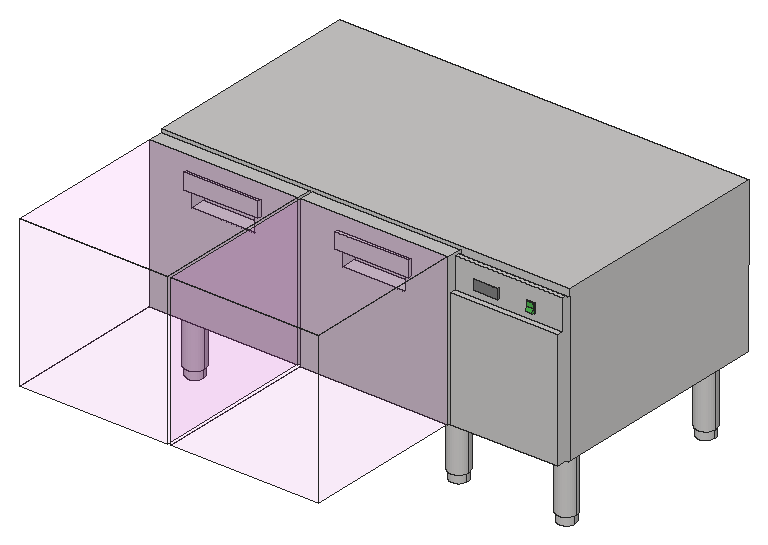
Revit family "QF_ELECTROLUXPROFESSIONAL_371370_E7TTAPCOMIN", category Specialty Equipment, Revit 2018
Family settings
  Round Connector Dimension = Use Diameter
  Part Type = Normal
  Work Plane-Based = No
  Always vertical = Yes
  Cut with Voids When Loaded = No
  Shared = No
  Room Calculation Point = No
Parameters
  Weight = 95.00 kg
  Watts = 0 W
  Volts = 0 V
  URL Manufacturer = ""
  URL = ""
  Steam Supply Size = 0 mm
  Steam Supply Minimum Pressure = 0.0 Pa
  Steam Supply Maximum Pressure = 0.0 Pa
  Steam Pounds per Hour = 0
  Refrigeration Suction Line Size = 0 mm
  Refrigeration Liquid Line Size = 0 mm
  Refrigerant Compressor Remote = yes
  Manufacturer = ""
  Phase = 0
  Model = ""
  Length Actual = 1200 mm  # constant formula
  Item Number = ""
  Hot Water Size = 0 mm
  Height Actual = 600 mm  # constant formula
  HP = "0.5 HP"
  Gas Size = 0 mm
  Gas KW = 0
  Gas Input Pressure = 0 W
  Direct Waste Size = 12.7 mm
  Description = ""
  Depth Actual = 700 mm  # constant formula
  Cycle = 0 Hz
  Condensate Return Size = 0 mm
  Compressed Air Volume = 0.0 L/s
  Compressed Air Size = 0 mm
  Compressed Air Pressure = 0.0 Pa
  Cold Water Size = 0 mm
  Accessory = yes
Reference planes
  plane 1 "Center X": y = 0
  plane 2: z = 0
  plane 3 "Centro (Sinistra/Destra)": x = 0
  plane 4: z = 200
  plane 5 "TOP": z = 650
  plane 6 "BACK": y = 350
  plane 7 "FRONT": y = -350
  plane 8 "LEFT": x = -600
  plane 9 "RIGHT": x = 600
  plane 10: y = -303
  plane 11: y = -348
  plane 12: x = -545
  plane 13: x = 545
  plane 14: x = 229
  plane 15: y = 262
  plane 16: y = -249
  plane 17: x = 286
  plane 18: x = -599
  plane 19: x = 599
  plane 20: y = 190
  plane 21: x = 560
Forms (mm)
  Extrusion 1, solid, material "QF_Finishes_Stainless Steel"
    sketch origin (0, 0, 650) x (-1, 0, 0) y (0, -1, 0)
      loop
        line (599, -350) -> (599, 303) -> (-599, 303) -> (-599, -350) -> (599, -350)
    from -450 to 0
  Extrusion 2, solid, material "QF_Finishes_Stainless Steel"
    sketch origin (196, -342.999, 0) x (-1, 0, 0) y (0, 0, 1)
      loop
        line (795, 201.587) -> (795, 640.994) -> (360.999, 640.994) -> (360.999, 201.587) -> (795, 201.587)
      loop
        line (671.3, 506.706) -> (671.3, 585) -> (484.699, 585) -> (484.699, 506.706) -> (671.3, 506.706)
    from -5.001 to 39.999
  Extrusion 3, solid, material "QF_Door-Drawer Clearances"
    sketch origin (196, -348, 0) x (1, 0, 0) y (0, 0, 1)
      loop
        line (-795, 640.994) -> (-795, 201.587) -> (-360.999, 201.587) -> (-360.999, 640.994) -> (-795, 640.994)
    from 0 to 473.5
  Extrusion 4, solid, material "QF_Finishes_Stainless Steel"
    sketch origin (599, 66.551, 0) x (0, 1, 0) y (0, 0, 1)
      loop
        line (-369.551, 629.527) -> (-386.314, 640.994) -> (-397.65, 640.994) -> (-397.65, 549.796) -> (-414.551, 549.796) -> (-414.551, 204.796) -> (-384.714, 204.796) -> (-374.993, 200) -> (-369.551, 200) -> (-369.551, 629.527)
    from 0 to -313
  Extrusion 5, solid, material "QF_Finishes_Black"
    sketch origin (583, -331.099, 630.994) x (0, 0, -1) y (1, 0, 0)
      loop
        line (32.198, -86.899) -> (61.199, -86.899) -> (61.199, -64.9) -> (32.198, -64.9) -> (32.198, -86.899)
    from 0 to 1.6
  Extrusion 6, solid, material "QF_Finishes_Grey"
    sketch origin (589, -331.099, 630.994) x (0, 0, -1) y (1, 0, 0)
      loop
        line (32.198, -248.099) -> (61.199, -248.099) -> (61.199, -178.099) -> (32.198, -178.099) -> (32.198, -248.099)
    from 0 to 1.6
  Extrusion 7, solid, material "QF_Finishes_Green"
    sketch origin (518.1, -331.099, 598.796) x (0, 0, -1) y (0, 1, 0)
      loop
        line (2.279, -3.281) -> (14.5, -3.281) -> (25.308, -8.985)
        arc (25.308, -8.985) -> (26.537, -5.394) -> (26.605, -1.6) r 12.221
        line (26.605, -1.6) -> (2.395, -1.6)
        arc (2.395, -1.6) -> (2.308, -2.439) -> (2.279, -3.281) r 12.221
    from -20 to -2
  Extrusion 8, solid, material "QF_Door-Drawer Clearances"
    sketch origin (638.501, -342.999, 0) x (1, 0, 0) y (0, 0, 1)
      loop
        line (-795, 640.994) -> (-795, 201.587) -> (-360.999, 201.587) -> (-360.999, 640.994) -> (-795, 640.994)
    from 5.001 to 478.501
  Extrusion 9, solid, material "QF_Finishes_Stainless Steel"
    sketch origin (196, -348, 0) x (1, 0, 0) y (0, 0, 1)
      loop
        line (-686.3, 598.969) -> (-686.3, 553.969) -> (-469.699, 553.969) -> (-469.699, 598.969) -> (-686.3, 598.969)
    from 0 to 10
  Extrusion 10, solid, material "QF_Finishes_Stainless Steel"
    sketch origin (638.501, -342.999, 0) x (-1, 0, 0) y (0, 0, 1)
      loop
        line (795, 201.587) -> (795, 640.994) -> (360.999, 640.994) -> (360.999, 201.587) -> (795, 201.587)
      loop
        line (671.3, 506.706) -> (671.3, 585) -> (484.699, 585) -> (484.699, 506.706) -> (671.3, 506.706)
    from -5.001 to 39.999
  Extrusion 11, solid, material "QF_Finishes_Stainless Steel"
    sketch origin (638.501, -348, 0) x (1, 0, 0) y (0, 0, 1)
      loop
        line (-686.3, 598.969) -> (-686.3, 553.969) -> (-469.699, 553.969) -> (-469.699, 598.969) -> (-686.3, 598.969)
    from 0 to 10
  Extrusion 12, solid, material "QF_Finishes_Stainless Steel"
    sketch origin (0, 0, 0) x (1, 0, 0) y (0, 1, 0)
      loop
        circle (560, 190) r 6
    from 189.987 to 200
Lines and regions (mm)
  Split face 1
    outline origin (589, -332.699, 630.994) x (0, 0, -1) y (1, 0, 0)
      loop
        line (37.198, -238.099) -> (52.198, -238.099) -> (52.198, -188.099) -> (37.198, -188.099) -> (37.198, -238.099)
  Split face 2
    outline origin (589, -332.699, 630.994) x (0, 0, -1) y (1, 0, 0)
      loop
        circle (44.698, -185.099) r 1.2
  Split face 3
    outline origin (589, -332.699, 630.994) x (0, 0, -1) y (1, 0, 0)
      loop
        circle (39.698, -185.099) r 1.2
  Split face 4
    outline origin (589, -332.699, 630.994) x (0, 0, -1) y (1, 0, 0)
      loop
        circle (49.698, -185.099) r 1.2
  Split face 5
    outline origin (589, -332.699, 630.994) x (0, 0, -1) y (1, 0, 0)
      loop
        circle (39.698, -241.099) r 1.2
  Split face 6
    outline origin (589, -332.699, 630.994) x (0, 0, -1) y (1, 0, 0)
      loop
        circle (44.698, -241.099) r 1.2
  Split face 7
    outline origin (589, -332.699, 630.994) x (0, 0, -1) y (1, 0, 0)
      loop
        circle (49.698, -241.099) r 1.2
  Split face 8
    outline origin (589, -332.699, 630.994) x (0, 0, -1) y (1, 0, 0)
      loop
        line (59.151, -238.099) -> (59.151, -227.099) -> (54.151, -227.099) -> (54.151, -238.099) -> (59.151, -238.099)
  Split face 9
    outline origin (589, -332.699, 630.994) x (0, 0, -1) y (1, 0, 0)
      loop
        line (54.151, -225.099) -> (59.151, -225.099) -> (59.151, -214.099) -> (54.151, -214.099) -> (54.151, -225.099)
  Split face 10
    outline origin (602, -332.699, 630.994) x (0, 0, -1) y (1, 0, 0)
      loop
        line (54.151, -225.099) -> (59.151, -225.099) -> (59.151, -214.099) -> (54.151, -214.099) -> (54.151, -225.099)
  Split face 11
    outline origin (615, -332.699, 630.994) x (0, 0, -1) y (1, 0, 0)
      loop
        line (54.151, -225.099) -> (59.151, -225.099) -> (59.151, -214.099) -> (54.151, -214.099) -> (54.151, -225.099)
  Split face 12
    outline origin (601.5, -348, 412.291) x (0, 0, -1) y (1, 0, 0)
      loop
        arc (-85.025, -282.599) -> (-81.004, -278.61) -> (-85.004, -274.599) r 4
        line (-85.004, -274.599) -> (-117.004, -274.599)
        arc (-117.004, -274.599) -> (-121.004, -278.61) -> (-116.984, -282.599) r 4
        line (-116.984, -282.599) -> (-85.025, -282.599)
  Split face 13
    outline origin (613.5, -348, 412.291) x (0, 0, -1) y (1, 0, 0)
      loop
        arc (-85.025, -282.599) -> (-81.004, -278.61) -> (-85.004, -274.599) r 4
        line (-85.004, -274.599) -> (-117.004, -274.599)
        arc (-117.004, -274.599) -> (-121.004, -278.61) -> (-116.984, -282.599) r 4
        line (-116.984, -282.599) -> (-85.025, -282.599)
  Split face 14
    outline origin (625.5, -348, 412.291) x (0, 0, -1) y (1, 0, 0)
      loop
        arc (-85.025, -282.599) -> (-81.004, -278.61) -> (-85.004, -274.599) r 4
        line (-85.004, -274.599) -> (-117.004, -274.599)
        arc (-117.004, -274.599) -> (-121.004, -278.61) -> (-116.984, -282.599) r 4
        line (-116.984, -282.599) -> (-85.025, -282.599)
  Split face 15
    outline origin (637.397, -348, 412.291) x (0, 0, -1) y (1, 0, 0)
      loop
        arc (-85.025, -282.599) -> (-81.004, -278.61) -> (-85.004, -274.599) r 4
        line (-85.004, -274.599) -> (-117.004, -274.599)
        arc (-117.004, -274.599) -> (-121.004, -278.61) -> (-116.984, -282.599) r 4
        line (-116.984, -282.599) -> (-85.025, -282.599)
  Split face 16
    outline origin (649.396, -348, 412.291) x (0, 0, -1) y (1, 0, 0)
      loop
        arc (-85.025, -282.599) -> (-81.004, -278.61) -> (-85.004, -274.599) r 4
        line (-85.004, -274.599) -> (-117.004, -274.599)
        arc (-117.004, -274.599) -> (-121.004, -278.61) -> (-116.984, -282.599) r 4
        line (-116.984, -282.599) -> (-85.025, -282.599)
  Split face 17
    outline origin (661.396, -348, 412.291) x (0, 0, -1) y (1, 0, 0)
      loop
        arc (-85.025, -282.599) -> (-81.004, -278.61) -> (-85.004, -274.599) r 4
        line (-85.004, -274.599) -> (-117.004, -274.599)
        arc (-117.004, -274.599) -> (-121.004, -278.61) -> (-116.984, -282.599) r 4
        line (-116.984, -282.599) -> (-85.025, -282.599)
  Split face 18
    outline origin (673.396, -348, 412.291) x (0, 0, -1) y (1, 0, 0)
      loop
        arc (-85.025, -282.599) -> (-81.004, -278.61) -> (-85.004, -274.599) r 4
        line (-85.004, -274.599) -> (-117.004, -274.599)
        arc (-117.004, -274.599) -> (-121.004, -278.61) -> (-116.984, -282.599) r 4
        line (-116.984, -282.599) -> (-85.025, -282.599)
  Split face 19
    outline origin (685.397, -348, 412.291) x (0, 0, -1) y (1, 0, 0)
      loop
        arc (-85.025, -282.599) -> (-81.004, -278.61) -> (-85.004, -274.599) r 4
        line (-85.004, -274.599) -> (-117.004, -274.599)
        arc (-117.004, -274.599) -> (-121.004, -278.61) -> (-116.984, -282.599) r 4
        line (-116.984, -282.599) -> (-85.025, -282.599)
  Split face 20
    outline origin (697.396, -348, 412.291) x (0, 0, -1) y (1, 0, 0)
      loop
        arc (-85.025, -282.599) -> (-81.004, -278.61) -> (-85.004, -274.599) r 4
        line (-85.004, -274.599) -> (-117.004, -274.599)
        arc (-117.004, -274.599) -> (-121.004, -278.61) -> (-116.984, -282.599) r 4
        line (-116.984, -282.599) -> (-85.025, -282.599)
  Split face 21
    outline origin (704.396, -348, 412.291) x (0, 0, -1) y (1, 0, 0)
      loop
        arc (-85.025, -242.399) -> (-81.004, -238.41) -> (-85.004, -234.4) r 4
        line (-85.004, -234.4) -> (-117.004, -234.4)
        arc (-117.004, -234.4) -> (-121.004, -238.41) -> (-116.984, -242.399) r 4
        line (-116.984, -242.399) -> (-85.025, -242.399)
  Split face 22
    outline origin (716.396, -348, 412.291) x (0, 0, -1) y (1, 0, 0)
      loop
        arc (-85.025, -242.399) -> (-81.004, -238.41) -> (-85.004, -234.4) r 4
        line (-85.004, -234.4) -> (-117.004, -234.4)
        arc (-117.004, -234.4) -> (-121.004, -238.41) -> (-116.984, -242.399) r 4
        line (-116.984, -242.399) -> (-85.025, -242.399)
  Split face 23
    outline origin (728.396, -348, 412.291) x (0, 0, -1) y (1, 0, 0)
      loop
        arc (-85.025, -242.399) -> (-81.004, -238.41) -> (-85.004, -234.4) r 4
        line (-85.004, -234.4) -> (-117.004, -234.4)
        arc (-117.004, -234.4) -> (-121.004, -238.41) -> (-116.984, -242.399) r 4
        line (-116.984, -242.399) -> (-85.025, -242.399)
  Split face 24
    outline origin (740.396, -348, 412.291) x (0, 0, -1) y (1, 0, 0)
      loop
        arc (-85.025, -242.399) -> (-81.004, -238.41) -> (-85.004, -234.4) r 4
        line (-85.004, -234.4) -> (-117.004, -234.4)
        arc (-117.004, -234.4) -> (-121.004, -238.41) -> (-116.984, -242.399) r 4
        line (-116.984, -242.399) -> (-85.025, -242.399)
  Split face 25
    outline origin (752.396, -348, 412.291) x (0, 0, -1) y (1, 0, 0)
      loop
        arc (-85.025, -242.399) -> (-81.004, -238.41) -> (-85.004, -234.4) r 4
        line (-85.004, -234.4) -> (-117.004, -234.4)
        arc (-117.004, -234.4) -> (-121.004, -238.41) -> (-116.984, -242.399) r 4
        line (-116.984, -242.399) -> (-85.025, -242.399)
  Split face 26
    outline origin (764.396, -348, 412.291) x (0, 0, -1) y (1, 0, 0)
      loop
        arc (-85.025, -242.399) -> (-81.004, -238.41) -> (-85.004, -234.4) r 4
        line (-85.004, -234.4) -> (-117.004, -234.4)
        arc (-117.004, -234.4) -> (-121.004, -238.41) -> (-116.984, -242.399) r 4
        line (-116.984, -242.399) -> (-85.025, -242.399)
  Split face 27
    outline origin (776.396, -348, 412.291) x (0, 0, -1) y (1, 0, 0)
      loop
        arc (-85.025, -242.399) -> (-81.004, -238.41) -> (-85.004, -234.4) r 4
        line (-85.004, -234.4) -> (-117.004, -234.4)
        arc (-117.004, -234.4) -> (-121.004, -238.41) -> (-116.984, -242.399) r 4
        line (-116.984, -242.399) -> (-85.025, -242.399)
  Split face 28
    outline origin (788.396, -348, 412.291) x (0, 0, -1) y (1, 0, 0)
      loop
        arc (-85.025, -242.399) -> (-81.004, -238.41) -> (-85.004, -234.4) r 4
        line (-85.004, -234.4) -> (-117.004, -234.4)
        arc (-117.004, -234.4) -> (-121.004, -238.41) -> (-116.984, -242.399) r 4
        line (-116.984, -242.399) -> (-85.025, -242.399)
  Split face 29
    outline origin (800.396, -348, 412.291) x (0, 0, -1) y (1, 0, 0)
      loop
        arc (-85.025, -242.399) -> (-81.004, -238.41) -> (-85.004, -234.4) r 4
        line (-85.004, -234.4) -> (-117.004, -234.4)
        arc (-117.004, -234.4) -> (-121.004, -238.41) -> (-116.984, -242.399) r 4
        line (-116.984, -242.399) -> (-85.025, -242.399)
  Split face 30
    outline origin (812.396, -348, 412.291) x (0, 0, -1) y (1, 0, 0)
      loop
        arc (-85.025, -242.399) -> (-81.004, -238.41) -> (-85.004, -234.4) r 4
        line (-85.004, -234.4) -> (-117.004, -234.4)
        arc (-117.004, -234.4) -> (-121.004, -238.41) -> (-116.984, -242.399) r 4
        line (-116.984, -242.399) -> (-85.025, -242.399)
  Split face 31
    outline origin (589.5, -348, 412.291) x (0, 0, -1) y (1, 0, 0)
      loop
        arc (-85.025, -282.599) -> (-81.004, -278.61) -> (-85.004, -274.599) r 4
        line (-85.004, -274.599) -> (-117.004, -274.599)
        arc (-117.004, -274.599) -> (-121.004, -278.61) -> (-116.984, -282.599) r 4
        line (-116.984, -282.599) -> (-85.025, -282.599)
  Split face 32
    outline origin (601.5, -348, 367.29) x (0, 0, -1) y (1, 0, 0)
      loop
        arc (-85.025, -282.599) -> (-81.004, -278.61) -> (-85.004, -274.599) r 4
        line (-85.004, -274.599) -> (-117.004, -274.599)
        arc (-117.004, -274.599) -> (-121.004, -278.61) -> (-116.984, -282.599) r 4
        line (-116.984, -282.599) -> (-85.025, -282.599)
  Split face 33
    outline origin (613.5, -348, 367.29) x (0, 0, -1) y (1, 0, 0)
      loop
        arc (-85.025, -282.599) -> (-81.004, -278.61) -> (-85.004, -274.599) r 4
        line (-85.004, -274.599) -> (-117.004, -274.599)
        arc (-117.004, -274.599) -> (-121.004, -278.61) -> (-116.984, -282.599) r 4
        line (-116.984, -282.599) -> (-85.025, -282.599)
  Split face 34
    outline origin (625.5, -348, 367.29) x (0, 0, -1) y (1, 0, 0)
      loop
        arc (-85.025, -282.599) -> (-81.004, -278.61) -> (-85.004, -274.599) r 4
        line (-85.004, -274.599) -> (-117.004, -274.599)
        arc (-117.004, -274.599) -> (-121.004, -278.61) -> (-116.984, -282.599) r 4
        line (-116.984, -282.599) -> (-85.025, -282.599)
  Split face 35
    outline origin (637.397, -348, 367.29) x (0, 0, -1) y (1, 0, 0)
      loop
        arc (-85.025, -282.599) -> (-81.004, -278.61) -> (-85.004, -274.599) r 4
        line (-85.004, -274.599) -> (-117.004, -274.599)
        arc (-117.004, -274.599) -> (-121.004, -278.61) -> (-116.984, -282.599) r 4
        line (-116.984, -282.599) -> (-85.025, -282.599)
  Split face 36
    outline origin (649.396, -348, 367.29) x (0, 0, -1) y (1, 0, 0)
      loop
        arc (-85.025, -282.599) -> (-81.004, -278.61) -> (-85.004, -274.599) r 4
        line (-85.004, -274.599) -> (-117.004, -274.599)
        arc (-117.004, -274.599) -> (-121.004, -278.61) -> (-116.984, -282.599) r 4
        line (-116.984, -282.599) -> (-85.025, -282.599)
  Split face 37
    outline origin (661.396, -348, 367.29) x (0, 0, -1) y (1, 0, 0)
      loop
        arc (-85.025, -282.599) -> (-81.004, -278.61) -> (-85.004, -274.599) r 4
        line (-85.004, -274.599) -> (-117.004, -274.599)
        arc (-117.004, -274.599) -> (-121.004, -278.61) -> (-116.984, -282.599) r 4
        line (-116.984, -282.599) -> (-85.025, -282.599)
  Split face 38
    outline origin (673.396, -348, 367.29) x (0, 0, -1) y (1, 0, 0)
      loop
        arc (-85.025, -282.599) -> (-81.004, -278.61) -> (-85.004, -274.599) r 4
        line (-85.004, -274.599) -> (-117.004, -274.599)
        arc (-117.004, -274.599) -> (-121.004, -278.61) -> (-116.984, -282.599) r 4
        line (-116.984, -282.599) -> (-85.025, -282.599)
  Split face 39
    outline origin (685.397, -348, 367.29) x (0, 0, -1) y (1, 0, 0)
      loop
        arc (-85.025, -282.599) -> (-81.004, -278.61) -> (-85.004, -274.599) r 4
        line (-85.004, -274.599) -> (-117.004, -274.599)
        arc (-117.004, -274.599) -> (-121.004, -278.61) -> (-116.984, -282.599) r 4
        line (-116.984, -282.599) -> (-85.025, -282.599)
  Split face 40
    outline origin (697.396, -348, 367.29) x (0, 0, -1) y (1, 0, 0)
      loop
        arc (-85.025, -282.599) -> (-81.004, -278.61) -> (-85.004, -274.599) r 4
        line (-85.004, -274.599) -> (-117.004, -274.599)
        arc (-117.004, -274.599) -> (-121.004, -278.61) -> (-116.984, -282.599) r 4
        line (-116.984, -282.599) -> (-85.025, -282.599)
  Split face 41
    outline origin (704.396, -348, 367.29) x (0, 0, -1) y (1, 0, 0)
      loop
        arc (-85.025, -242.399) -> (-81.004, -238.41) -> (-85.004, -234.4) r 4
        line (-85.004, -234.4) -> (-117.004, -234.4)
        arc (-117.004, -234.4) -> (-121.004, -238.41) -> (-116.984, -242.399) r 4
        line (-116.984, -242.399) -> (-85.025, -242.399)
  Split face 42
    outline origin (716.396, -348, 367.29) x (0, 0, -1) y (1, 0, 0)
      loop
        arc (-85.025, -242.399) -> (-81.004, -238.41) -> (-85.004, -234.4) r 4
        line (-85.004, -234.4) -> (-117.004, -234.4)
        arc (-117.004, -234.4) -> (-121.004, -238.41) -> (-116.984, -242.399) r 4
        line (-116.984, -242.399) -> (-85.025, -242.399)
  Split face 43
    outline origin (728.396, -348, 367.29) x (0, 0, -1) y (1, 0, 0)
      loop
        arc (-85.025, -242.399) -> (-81.004, -238.41) -> (-85.004, -234.4) r 4
        line (-85.004, -234.4) -> (-117.004, -234.4)
        arc (-117.004, -234.4) -> (-121.004, -238.41) -> (-116.984, -242.399) r 4
        line (-116.984, -242.399) -> (-85.025, -242.399)
  Split face 44
    outline origin (740.396, -348, 367.29) x (0, 0, -1) y (1, 0, 0)
      loop
        arc (-85.025, -242.399) -> (-81.004, -238.41) -> (-85.004, -234.4) r 4
        line (-85.004, -234.4) -> (-117.004, -234.4)
        arc (-117.004, -234.4) -> (-121.004, -238.41) -> (-116.984, -242.399) r 4
        line (-116.984, -242.399) -> (-85.025, -242.399)
  Split face 45
    outline origin (752.396, -348, 367.29) x (0, 0, -1) y (1, 0, 0)
      loop
        arc (-85.025, -242.399) -> (-81.004, -238.41) -> (-85.004, -234.4) r 4
        line (-85.004, -234.4) -> (-117.004, -234.4)
        arc (-117.004, -234.4) -> (-121.004, -238.41) -> (-116.984, -242.399) r 4
        line (-116.984, -242.399) -> (-85.025, -242.399)
  Split face 46
    outline origin (764.396, -348, 367.29) x (0, 0, -1) y (1, 0, 0)
      loop
        arc (-85.025, -242.399) -> (-81.004, -238.41) -> (-85.004, -234.4) r 4
        line (-85.004, -234.4) -> (-117.004, -234.4)
        arc (-117.004, -234.4) -> (-121.004, -238.41) -> (-116.984, -242.399) r 4
        line (-116.984, -242.399) -> (-85.025, -242.399)
  Split face 47
    outline origin (776.396, -348, 367.29) x (0, 0, -1) y (1, 0, 0)
      loop
        arc (-85.025, -242.399) -> (-81.004, -238.41) -> (-85.004, -234.4) r 4
        line (-85.004, -234.4) -> (-117.004, -234.4)
        arc (-117.004, -234.4) -> (-121.004, -238.41) -> (-116.984, -242.399) r 4
        line (-116.984, -242.399) -> (-85.025, -242.399)
  Split face 48
    outline origin (788.396, -348, 367.29) x (0, 0, -1) y (1, 0, 0)
      loop
        arc (-85.025, -242.399) -> (-81.004, -238.41) -> (-85.004, -234.4) r 4
        line (-85.004, -234.4) -> (-117.004, -234.4)
        arc (-117.004, -234.4) -> (-121.004, -238.41) -> (-116.984, -242.399) r 4
        line (-116.984, -242.399) -> (-85.025, -242.399)
  Split face 49
    outline origin (800.396, -348, 367.29) x (0, 0, -1) y (1, 0, 0)
      loop
        arc (-85.025, -242.399) -> (-81.004, -238.41) -> (-85.004, -234.4) r 4
        line (-85.004, -234.4) -> (-117.004, -234.4)
        arc (-117.004, -234.4) -> (-121.004, -238.41) -> (-116.984, -242.399) r 4
        line (-116.984, -242.399) -> (-85.025, -242.399)
  Split face 50
    outline origin (812.396, -348, 367.29) x (0, 0, -1) y (1, 0, 0)
      loop
        arc (-85.025, -242.399) -> (-81.004, -238.41) -> (-85.004, -234.4) r 4
        line (-85.004, -234.4) -> (-117.004, -234.4)
        arc (-117.004, -234.4) -> (-121.004, -238.41) -> (-116.984, -242.399) r 4
        line (-116.984, -242.399) -> (-85.025, -242.399)
  Split face 51
    outline origin (589.5, -348, 367.29) x (0, 0, -1) y (1, 0, 0)
      loop
        arc (-85.025, -282.599) -> (-81.004, -278.61) -> (-85.004, -274.599) r 4
        line (-85.004, -274.599) -> (-117.004, -274.599)
        arc (-117.004, -274.599) -> (-121.004, -278.61) -> (-116.984, -282.599) r 4
        line (-116.984, -282.599) -> (-85.025, -282.599)
  Split face 52
    outline origin (601.5, -348, 322.29) x (0, 0, -1) y (1, 0, 0)
      loop
        arc (-85.025, -282.599) -> (-81.004, -278.61) -> (-85.004, -274.599) r 4
        line (-85.004, -274.599) -> (-117.004, -274.599)
        arc (-117.004, -274.599) -> (-121.004, -278.61) -> (-116.984, -282.599) r 4
        line (-116.984, -282.599) -> (-85.025, -282.599)
  Split face 53
    outline origin (613.5, -348, 322.29) x (0, 0, -1) y (1, 0, 0)
      loop
        arc (-85.025, -282.599) -> (-81.004, -278.61) -> (-85.004, -274.599) r 4
        line (-85.004, -274.599) -> (-117.004, -274.599)
        arc (-117.004, -274.599) -> (-121.004, -278.61) -> (-116.984, -282.599) r 4
        line (-116.984, -282.599) -> (-85.025, -282.599)
  Split face 54
    outline origin (625.5, -348, 322.29) x (0, 0, -1) y (1, 0, 0)
      loop
        arc (-85.025, -282.599) -> (-81.004, -278.61) -> (-85.004, -274.599) r 4
        line (-85.004, -274.599) -> (-117.004, -274.599)
        arc (-117.004, -274.599) -> (-121.004, -278.61) -> (-116.984, -282.599) r 4
        line (-116.984, -282.599) -> (-85.025, -282.599)
  Split face 55
    outline origin (637.397, -348, 322.29) x (0, 0, -1) y (1, 0, 0)
      loop
        arc (-85.025, -282.599) -> (-81.004, -278.61) -> (-85.004, -274.599) r 4
        line (-85.004, -274.599) -> (-117.004, -274.599)
        arc (-117.004, -274.599) -> (-121.004, -278.61) -> (-116.984, -282.599) r 4
        line (-116.984, -282.599) -> (-85.025, -282.599)
  Split face 56
    outline origin (649.396, -348, 322.29) x (0, 0, -1) y (1, 0, 0)
      loop
        arc (-85.025, -282.599) -> (-81.004, -278.61) -> (-85.004, -274.599) r 4
        line (-85.004, -274.599) -> (-117.004, -274.599)
        arc (-117.004, -274.599) -> (-121.004, -278.61) -> (-116.984, -282.599) r 4
        line (-116.984, -282.599) -> (-85.025, -282.599)
  Split face 57
    outline origin (661.396, -348, 322.29) x (0, 0, -1) y (1, 0, 0)
      loop
        arc (-85.025, -282.599) -> (-81.004, -278.61) -> (-85.004, -274.599) r 4
        line (-85.004, -274.599) -> (-117.004, -274.599)
        arc (-117.004, -274.599) -> (-121.004, -278.61) -> (-116.984, -282.599) r 4
        line (-116.984, -282.599) -> (-85.025, -282.599)
  Split face 58
    outline origin (673.396, -348, 322.29) x (0, 0, -1) y (1, 0, 0)
      loop
        arc (-85.025, -282.599) -> (-81.004, -278.61) -> (-85.004, -274.599) r 4
        line (-85.004, -274.599) -> (-117.004, -274.599)
        arc (-117.004, -274.599) -> (-121.004, -278.61) -> (-116.984, -282.599) r 4
        line (-116.984, -282.599) -> (-85.025, -282.599)
  Split face 59
    outline origin (685.397, -348, 322.29) x (0, 0, -1) y (1, 0, 0)
      loop
        arc (-85.025, -282.599) -> (-81.004, -278.61) -> (-85.004, -274.599) r 4
        line (-85.004, -274.599) -> (-117.004, -274.599)
        arc (-117.004, -274.599) -> (-121.004, -278.61) -> (-116.984, -282.599) r 4
        line (-116.984, -282.599) -> (-85.025, -282.599)
  Split face 60
    outline origin (697.396, -348, 322.29) x (0, 0, -1) y (1, 0, 0)
      loop
        arc (-85.025, -282.599) -> (-81.004, -278.61) -> (-85.004, -274.599) r 4
        line (-85.004, -274.599) -> (-117.004, -274.599)
        arc (-117.004, -274.599) -> (-121.004, -278.61) -> (-116.984, -282.599) r 4
        line (-116.984, -282.599) -> (-85.025, -282.599)
  Split face 61
    outline origin (704.396, -348, 322.29) x (0, 0, -1) y (1, 0, 0)
      loop
        arc (-85.025, -242.399) -> (-81.004, -238.41) -> (-85.004, -234.4) r 4
        line (-85.004, -234.4) -> (-117.004, -234.4)
        arc (-117.004, -234.4) -> (-121.004, -238.41) -> (-116.984, -242.399) r 4
        line (-116.984, -242.399) -> (-85.025, -242.399)
  Split face 62
    outline origin (716.396, -348, 322.29) x (0, 0, -1) y (1, 0, 0)
      loop
        arc (-85.025, -242.399) -> (-81.004, -238.41) -> (-85.004, -234.4) r 4
        line (-85.004, -234.4) -> (-117.004, -234.4)
        arc (-117.004, -234.4) -> (-121.004, -238.41) -> (-116.984, -242.399) r 4
        line (-116.984, -242.399) -> (-85.025, -242.399)
  Split face 63
    outline origin (728.396, -348, 322.29) x (0, 0, -1) y (1, 0, 0)
      loop
        arc (-85.025, -242.399) -> (-81.004, -238.41) -> (-85.004, -234.4) r 4
        line (-85.004, -234.4) -> (-117.004, -234.4)
        arc (-117.004, -234.4) -> (-121.004, -238.41) -> (-116.984, -242.399) r 4
        line (-116.984, -242.399) -> (-85.025, -242.399)
  Split face 64
    outline origin (740.396, -348, 322.29) x (0, 0, -1) y (1, 0, 0)
      loop
        arc (-85.025, -242.399) -> (-81.004, -238.41) -> (-85.004, -234.4) r 4
        line (-85.004, -234.4) -> (-117.004, -234.4)
        arc (-117.004, -234.4) -> (-121.004, -238.41) -> (-116.984, -242.399) r 4
        line (-116.984, -242.399) -> (-85.025, -242.399)
  Split face 65
    outline origin (752.396, -348, 322.29) x (0, 0, -1) y (1, 0, 0)
      loop
        arc (-85.025, -242.399) -> (-81.004, -238.41) -> (-85.004, -234.4) r 4
        line (-85.004, -234.4) -> (-117.004, -234.4)
        arc (-117.004, -234.4) -> (-121.004, -238.41) -> (-116.984, -242.399) r 4
        line (-116.984, -242.399) -> (-85.025, -242.399)
  Split face 66
    outline origin (764.396, -348, 322.29) x (0, 0, -1) y (1, 0, 0)
      loop
        arc (-85.025, -242.399) -> (-81.004, -238.41) -> (-85.004, -234.4) r 4
        line (-85.004, -234.4) -> (-117.004, -234.4)
        arc (-117.004, -234.4) -> (-121.004, -238.41) -> (-116.984, -242.399) r 4
        line (-116.984, -242.399) -> (-85.025, -242.399)
  Split face 67
    outline origin (776.396, -348, 322.29) x (0, 0, -1) y (1, 0, 0)
      loop
        arc (-85.025, -242.399) -> (-81.004, -238.41) -> (-85.004, -234.4) r 4
        line (-85.004, -234.4) -> (-117.004, -234.4)
        arc (-117.004, -234.4) -> (-121.004, -238.41) -> (-116.984, -242.399) r 4
        line (-116.984, -242.399) -> (-85.025, -242.399)
  Split face 68
    outline origin (788.396, -348, 322.29) x (0, 0, -1) y (1, 0, 0)
      loop
        arc (-85.025, -242.399) -> (-81.004, -238.41) -> (-85.004, -234.4) r 4
        line (-85.004, -234.4) -> (-117.004, -234.4)
        arc (-117.004, -234.4) -> (-121.004, -238.41) -> (-116.984, -242.399) r 4
        line (-116.984, -242.399) -> (-85.025, -242.399)
  Split face 69
    outline origin (800.396, -348, 322.29) x (0, 0, -1) y (1, 0, 0)
      loop
        arc (-85.025, -242.399) -> (-81.004, -238.41) -> (-85.004, -234.4) r 4
        line (-85.004, -234.4) -> (-117.004, -234.4)
        arc (-117.004, -234.4) -> (-121.004, -238.41) -> (-116.984, -242.399) r 4
        line (-116.984, -242.399) -> (-85.025, -242.399)
  Split face 70
    outline origin (812.396, -348, 322.29) x (0, 0, -1) y (1, 0, 0)
      loop
        arc (-85.025, -242.399) -> (-81.004, -238.41) -> (-85.004, -234.4) r 4
        line (-85.004, -234.4) -> (-117.004, -234.4)
        arc (-117.004, -234.4) -> (-121.004, -238.41) -> (-116.984, -242.399) r 4
        line (-116.984, -242.399) -> (-85.025, -242.399)
  Split face 71
    outline origin (589.5, -348, 322.29) x (0, 0, -1) y (1, 0, 0)
      loop
        arc (-85.025, -282.599) -> (-81.004, -278.61) -> (-85.004, -274.599) r 4
        line (-85.004, -274.599) -> (-117.004, -274.599)
        arc (-117.004, -274.599) -> (-121.004, -278.61) -> (-116.984, -282.599) r 4
        line (-116.984, -282.599) -> (-85.025, -282.599)
  Split face 72
    outline origin (601.5, -348, 277.29) x (0, 0, -1) y (1, 0, 0)
      loop
        arc (-85.025, -282.599) -> (-81.004, -278.61) -> (-85.004, -274.599) r 4
        line (-85.004, -274.599) -> (-117.004, -274.599)
        arc (-117.004, -274.599) -> (-121.004, -278.61) -> (-116.984, -282.599) r 4
        line (-116.984, -282.599) -> (-85.025, -282.599)
  Split face 73
    outline origin (613.5, -348, 277.29) x (0, 0, -1) y (1, 0, 0)
      loop
        arc (-85.025, -282.599) -> (-81.004, -278.61) -> (-85.004, -274.599) r 4
        line (-85.004, -274.599) -> (-117.004, -274.599)
        arc (-117.004, -274.599) -> (-121.004, -278.61) -> (-116.984, -282.599) r 4
        line (-116.984, -282.599) -> (-85.025, -282.599)
  Split face 74
    outline origin (625.5, -348, 277.29) x (0, 0, -1) y (1, 0, 0)
      loop
        arc (-85.025, -282.599) -> (-81.004, -278.61) -> (-85.004, -274.599) r 4
        line (-85.004, -274.599) -> (-117.004, -274.599)
        arc (-117.004, -274.599) -> (-121.004, -278.61) -> (-116.984, -282.599) r 4
        line (-116.984, -282.599) -> (-85.025, -282.599)
  Split face 75
    outline origin (637.397, -348, 277.29) x (0, 0, -1) y (1, 0, 0)
      loop
        arc (-85.025, -282.599) -> (-81.004, -278.61) -> (-85.004, -274.599) r 4
        line (-85.004, -274.599) -> (-117.004, -274.599)
        arc (-117.004, -274.599) -> (-121.004, -278.61) -> (-116.984, -282.599) r 4
        line (-116.984, -282.599) -> (-85.025, -282.599)
  Split face 76
    outline origin (649.396, -348, 277.29) x (0, 0, -1) y (1, 0, 0)
      loop
        arc (-85.025, -282.599) -> (-81.004, -278.61) -> (-85.004, -274.599) r 4
        line (-85.004, -274.599) -> (-117.004, -274.599)
        arc (-117.004, -274.599) -> (-121.004, -278.61) -> (-116.984, -282.599) r 4
        line (-116.984, -282.599) -> (-85.025, -282.599)
  Split face 77
    outline origin (661.396, -348, 277.29) x (0, 0, -1) y (1, 0, 0)
      loop
        arc (-85.025, -282.599) -> (-81.004, -278.61) -> (-85.004, -274.599) r 4
        line (-85.004, -274.599) -> (-117.004, -274.599)
        arc (-117.004, -274.599) -> (-121.004, -278.61) -> (-116.984, -282.599) r 4
        line (-116.984, -282.599) -> (-85.025, -282.599)
  Split face 78
    outline origin (673.396, -348, 277.29) x (0, 0, -1) y (1, 0, 0)
      loop
        arc (-85.025, -282.599) -> (-81.004, -278.61) -> (-85.004, -274.599) r 4
        line (-85.004, -274.599) -> (-117.004, -274.599)
        arc (-117.004, -274.599) -> (-121.004, -278.61) -> (-116.984, -282.599) r 4
        line (-116.984, -282.599) -> (-85.025, -282.599)
  Split face 79
    outline origin (685.397, -348, 277.29) x (0, 0, -1) y (1, 0, 0)
      loop
        arc (-85.025, -282.599) -> (-81.004, -278.61) -> (-85.004, -274.599) r 4
        line (-85.004, -274.599) -> (-117.004, -274.599)
        arc (-117.004, -274.599) -> (-121.004, -278.61) -> (-116.984, -282.599) r 4
        line (-116.984, -282.599) -> (-85.025, -282.599)
  Split face 80
    outline origin (697.396, -348, 277.29) x (0, 0, -1) y (1, 0, 0)
      loop
        arc (-85.025, -282.599) -> (-81.004, -278.61) -> (-85.004, -274.599) r 4
        line (-85.004, -274.599) -> (-117.004, -274.599)
        arc (-117.004, -274.599) -> (-121.004, -278.61) -> (-116.984, -282.599) r 4
        line (-116.984, -282.599) -> (-85.025, -282.599)
  Split face 81
    outline origin (704.396, -348, 277.29) x (0, 0, -1) y (1, 0, 0)
      loop
        arc (-85.025, -242.399) -> (-81.004, -238.41) -> (-85.004, -234.4) r 4
        line (-85.004, -234.4) -> (-117.004, -234.4)
        arc (-117.004, -234.4) -> (-121.004, -238.41) -> (-116.984, -242.399) r 4
        line (-116.984, -242.399) -> (-85.025, -242.399)
  Split face 82
    outline origin (716.396, -348, 277.29) x (0, 0, -1) y (1, 0, 0)
      loop
        arc (-85.025, -242.399) -> (-81.004, -238.41) -> (-85.004, -234.4) r 4
        line (-85.004, -234.4) -> (-117.004, -234.4)
        arc (-117.004, -234.4) -> (-121.004, -238.41) -> (-116.984, -242.399) r 4
        line (-116.984, -242.399) -> (-85.025, -242.399)
  Split face 83
    outline origin (728.396, -348, 277.29) x (0, 0, -1) y (1, 0, 0)
      loop
        arc (-85.025, -242.399) -> (-81.004, -238.41) -> (-85.004, -234.4) r 4
        line (-85.004, -234.4) -> (-117.004, -234.4)
        arc (-117.004, -234.4) -> (-121.004, -238.41) -> (-116.984, -242.399) r 4
        line (-116.984, -242.399) -> (-85.025, -242.399)
  Split face 84
    outline origin (740.396, -348, 277.29) x (0, 0, -1) y (1, 0, 0)
      loop
        arc (-85.025, -242.399) -> (-81.004, -238.41) -> (-85.004, -234.4) r 4
        line (-85.004, -234.4) -> (-117.004, -234.4)
        arc (-117.004, -234.4) -> (-121.004, -238.41) -> (-116.984, -242.399) r 4
        line (-116.984, -242.399) -> (-85.025, -242.399)
  Split face 85
    outline origin (752.396, -348, 277.29) x (0, 0, -1) y (1, 0, 0)
      loop
        arc (-85.025, -242.399) -> (-81.004, -238.41) -> (-85.004, -234.4) r 4
        line (-85.004, -234.4) -> (-117.004, -234.4)
        arc (-117.004, -234.4) -> (-121.004, -238.41) -> (-116.984, -242.399) r 4
        line (-116.984, -242.399) -> (-85.025, -242.399)
  Split face 86
    outline origin (764.396, -348, 277.29) x (0, 0, -1) y (1, 0, 0)
      loop
        arc (-85.025, -242.399) -> (-81.004, -238.41) -> (-85.004, -234.4) r 4
        line (-85.004, -234.4) -> (-117.004, -234.4)
        arc (-117.004, -234.4) -> (-121.004, -238.41) -> (-116.984, -242.399) r 4
        line (-116.984, -242.399) -> (-85.025, -242.399)
  Split face 87
    outline origin (776.396, -348, 277.29) x (0, 0, -1) y (1, 0, 0)
      loop
        arc (-85.025, -242.399) -> (-81.004, -238.41) -> (-85.004, -234.4) r 4
        line (-85.004, -234.4) -> (-117.004, -234.4)
        arc (-117.004, -234.4) -> (-121.004, -238.41) -> (-116.984, -242.399) r 4
        line (-116.984, -242.399) -> (-85.025, -242.399)
  Split face 88
    outline origin (788.396, -348, 277.29) x (0, 0, -1) y (1, 0, 0)
      loop
        arc (-85.025, -242.399) -> (-81.004, -238.41) -> (-85.004, -234.4) r 4
        line (-85.004, -234.4) -> (-117.004, -234.4)
        arc (-117.004, -234.4) -> (-121.004, -238.41) -> (-116.984, -242.399) r 4
        line (-116.984, -242.399) -> (-85.025, -242.399)
  Split face 89
    outline origin (800.396, -348, 277.29) x (0, 0, -1) y (1, 0, 0)
      loop
        arc (-85.025, -242.399) -> (-81.004, -238.41) -> (-85.004, -234.4) r 4
        line (-85.004, -234.4) -> (-117.004, -234.4)
        arc (-117.004, -234.4) -> (-121.004, -238.41) -> (-116.984, -242.399) r 4
        line (-116.984, -242.399) -> (-85.025, -242.399)
  Split face 90
    outline origin (812.396, -348, 277.29) x (0, 0, -1) y (1, 0, 0)
      loop
        arc (-85.025, -242.399) -> (-81.004, -238.41) -> (-85.004, -234.4) r 4
        line (-85.004, -234.4) -> (-117.004, -234.4)
        arc (-117.004, -234.4) -> (-121.004, -238.41) -> (-116.984, -242.399) r 4
        line (-116.984, -242.399) -> (-85.025, -242.399)
  Split face 91
    outline origin (589.5, -348, 277.29) x (0, 0, -1) y (1, 0, 0)
      loop
        arc (-85.025, -282.599) -> (-81.004, -278.61) -> (-85.004, -274.599) r 4
        line (-85.004, -274.599) -> (-117.004, -274.599)
        arc (-117.004, -274.599) -> (-121.004, -278.61) -> (-116.984, -282.599) r 4
        line (-116.984, -282.599) -> (-85.025, -282.599)
  Split face 92
    outline origin (601.5, -348, 232.29) x (0, 0, -1) y (1, 0, 0)
      loop
        arc (-85.025, -282.599) -> (-81.004, -278.61) -> (-85.004, -274.599) r 4
        line (-85.004, -274.599) -> (-117.004, -274.599)
        arc (-117.004, -274.599) -> (-121.004, -278.61) -> (-116.984, -282.599) r 4
        line (-116.984, -282.599) -> (-85.025, -282.599)
  Split face 93
    outline origin (613.5, -348, 232.29) x (0, 0, -1) y (1, 0, 0)
      loop
        arc (-85.025, -282.599) -> (-81.004, -278.61) -> (-85.004, -274.599) r 4
        line (-85.004, -274.599) -> (-117.004, -274.599)
        arc (-117.004, -274.599) -> (-121.004, -278.61) -> (-116.984, -282.599) r 4
        line (-116.984, -282.599) -> (-85.025, -282.599)
  Split face 94
    outline origin (625.5, -348, 232.29) x (0, 0, -1) y (1, 0, 0)
      loop
        arc (-85.025, -282.599) -> (-81.004, -278.61) -> (-85.004, -274.599) r 4
        line (-85.004, -274.599) -> (-117.004, -274.599)
        arc (-117.004, -274.599) -> (-121.004, -278.61) -> (-116.984, -282.599) r 4
        line (-116.984, -282.599) -> (-85.025, -282.599)
  Split face 95
    outline origin (637.397, -348, 232.29) x (0, 0, -1) y (1, 0, 0)
      loop
        arc (-85.025, -282.599) -> (-81.004, -278.61) -> (-85.004, -274.599) r 4
        line (-85.004, -274.599) -> (-117.004, -274.599)
        arc (-117.004, -274.599) -> (-121.004, -278.61) -> (-116.984, -282.599) r 4
        line (-116.984, -282.599) -> (-85.025, -282.599)
  Split face 96
    outline origin (649.396, -348, 232.29) x (0, 0, -1) y (1, 0, 0)
      loop
        arc (-85.025, -282.599) -> (-81.004, -278.61) -> (-85.004, -274.599) r 4
        line (-85.004, -274.599) -> (-117.004, -274.599)
        arc (-117.004, -274.599) -> (-121.004, -278.61) -> (-116.984, -282.599) r 4
        line (-116.984, -282.599) -> (-85.025, -282.599)
  Split face 97
    outline origin (661.396, -348, 232.29) x (0, 0, -1) y (1, 0, 0)
      loop
        arc (-85.025, -282.599) -> (-81.004, -278.61) -> (-85.004, -274.599) r 4
        line (-85.004, -274.599) -> (-117.004, -274.599)
        arc (-117.004, -274.599) -> (-121.004, -278.61) -> (-116.984, -282.599) r 4
        line (-116.984, -282.599) -> (-85.025, -282.599)
  Split face 98
    outline origin (673.396, -348, 232.29) x (0, 0, -1) y (1, 0, 0)
      loop
        arc (-85.025, -282.599) -> (-81.004, -278.61) -> (-85.004, -274.599) r 4
        line (-85.004, -274.599) -> (-117.004, -274.599)
        arc (-117.004, -274.599) -> (-121.004, -278.61) -> (-116.984, -282.599) r 4
        line (-116.984, -282.599) -> (-85.025, -282.599)
  Split face 99
    outline origin (685.397, -348, 232.29) x (0, 0, -1) y (1, 0, 0)
      loop
        arc (-85.025, -282.599) -> (-81.004, -278.61) -> (-85.004, -274.599) r 4
        line (-85.004, -274.599) -> (-117.004, -274.599)
        arc (-117.004, -274.599) -> (-121.004, -278.61) -> (-116.984, -282.599) r 4
        line (-116.984, -282.599) -> (-85.025, -282.599)
  Split face 100
    outline origin (697.396, -348, 232.29) x (0, 0, -1) y (1, 0, 0)
      loop
        arc (-85.025, -282.599) -> (-81.004, -278.61) -> (-85.004, -274.599) r 4
        line (-85.004, -274.599) -> (-117.004, -274.599)
        arc (-117.004, -274.599) -> (-121.004, -278.61) -> (-116.984, -282.599) r 4
        line (-116.984, -282.599) -> (-85.025, -282.599)
  Split face 101
    outline origin (704.396, -348, 232.29) x (0, 0, -1) y (1, 0, 0)
      loop
        arc (-85.025, -242.399) -> (-81.004, -238.41) -> (-85.004, -234.4) r 4
        line (-85.004, -234.4) -> (-117.004, -234.4)
        arc (-117.004, -234.4) -> (-121.004, -238.41) -> (-116.984, -242.399) r 4
        line (-116.984, -242.399) -> (-85.025, -242.399)
  Split face 102
    outline origin (716.396, -348, 232.29) x (0, 0, -1) y (1, 0, 0)
      loop
        arc (-85.025, -242.399) -> (-81.004, -238.41) -> (-85.004, -234.4) r 4
        line (-85.004, -234.4) -> (-117.004, -234.4)
        arc (-117.004, -234.4) -> (-121.004, -238.41) -> (-116.984, -242.399) r 4
        line (-116.984, -242.399) -> (-85.025, -242.399)
  Split face 103
    outline origin (728.396, -348, 232.29) x (0, 0, -1) y (1, 0, 0)
      loop
        arc (-85.025, -242.399) -> (-81.004, -238.41) -> (-85.004, -234.4) r 4
        line (-85.004, -234.4) -> (-117.004, -234.4)
        arc (-117.004, -234.4) -> (-121.004, -238.41) -> (-116.984, -242.399) r 4
        line (-116.984, -242.399) -> (-85.025, -242.399)
  Split face 104
    outline origin (740.396, -348, 232.29) x (0, 0, -1) y (1, 0, 0)
      loop
        arc (-85.025, -242.399) -> (-81.004, -238.41) -> (-85.004, -234.4) r 4
        line (-85.004, -234.4) -> (-117.004, -234.4)
        arc (-117.004, -234.4) -> (-121.004, -238.41) -> (-116.984, -242.399) r 4
        line (-116.984, -242.399) -> (-85.025, -242.399)
  Split face 105
    outline origin (752.396, -348, 232.29) x (0, 0, -1) y (1, 0, 0)
      loop
        arc (-85.025, -242.399) -> (-81.004, -238.41) -> (-85.004, -234.4) r 4
        line (-85.004, -234.4) -> (-117.004, -234.4)
        arc (-117.004, -234.4) -> (-121.004, -238.41) -> (-116.984, -242.399) r 4
        line (-116.984, -242.399) -> (-85.025, -242.399)
  Split face 106
    outline origin (764.396, -348, 232.29) x (0, 0, -1) y (1, 0, 0)
      loop
        arc (-85.025, -242.399) -> (-81.004, -238.41) -> (-85.004, -234.4) r 4
        line (-85.004, -234.4) -> (-117.004, -234.4)
        arc (-117.004, -234.4) -> (-121.004, -238.41) -> (-116.984, -242.399) r 4
        line (-116.984, -242.399) -> (-85.025, -242.399)
  Split face 107
    outline origin (776.396, -348, 232.29) x (0, 0, -1) y (1, 0, 0)
      loop
        arc (-85.025, -242.399) -> (-81.004, -238.41) -> (-85.004, -234.4) r 4
        line (-85.004, -234.4) -> (-117.004, -234.4)
        arc (-117.004, -234.4) -> (-121.004, -238.41) -> (-116.984, -242.399) r 4
        line (-116.984, -242.399) -> (-85.025, -242.399)
  Split face 108
    outline origin (788.396, -348, 232.29) x (0, 0, -1) y (1, 0, 0)
      loop
        arc (-85.025, -242.399) -> (-81.004, -238.41) -> (-85.004, -234.4) r 4
        line (-85.004, -234.4) -> (-117.004, -234.4)
        arc (-117.004, -234.4) -> (-121.004, -238.41) -> (-116.984, -242.399) r 4
        line (-116.984, -242.399) -> (-85.025, -242.399)
  Split face 109
    outline origin (800.396, -348, 232.29) x (0, 0, -1) y (1, 0, 0)
      loop
        arc (-85.025, -242.399) -> (-81.004, -238.41) -> (-85.004, -234.4) r 4
        line (-85.004, -234.4) -> (-117.004, -234.4)
        arc (-117.004, -234.4) -> (-121.004, -238.41) -> (-116.984, -242.399) r 4
        line (-116.984, -242.399) -> (-85.025, -242.399)
  Split face 110
    outline origin (812.396, -348, 232.29) x (0, 0, -1) y (1, 0, 0)
      loop
        arc (-85.025, -242.399) -> (-81.004, -238.41) -> (-85.004, -234.4) r 4
        line (-85.004, -234.4) -> (-117.004, -234.4)
        arc (-117.004, -234.4) -> (-121.004, -238.41) -> (-116.984, -242.399) r 4
        line (-116.984, -242.399) -> (-85.025, -242.399)
  Split face 111
    outline origin (589.5, -348, 232.29) x (0, 0, -1) y (1, 0, 0)
      loop
        arc (-85.025, -282.599) -> (-81.004, -278.61) -> (-85.004, -274.599) r 4
        line (-85.004, -274.599) -> (-117.004, -274.599)
        arc (-117.004, -274.599) -> (-121.004, -278.61) -> (-116.984, -282.599) r 4
        line (-116.984, -282.599) -> (-85.025, -282.599)
  Split face 112
    outline origin (601.5, -348, 187.29) x (0, 0, -1) y (1, 0, 0)
      loop
        arc (-85.025, -282.599) -> (-81.004, -278.61) -> (-85.004, -274.599) r 4
        line (-85.004, -274.599) -> (-117.004, -274.599)
        arc (-117.004, -274.599) -> (-121.004, -278.61) -> (-116.984, -282.599) r 4
        line (-116.984, -282.599) -> (-85.025, -282.599)
  Split face 113
    outline origin (613.5, -348, 187.29) x (0, 0, -1) y (1, 0, 0)
      loop
        arc (-85.025, -282.599) -> (-81.004, -278.61) -> (-85.004, -274.599) r 4
        line (-85.004, -274.599) -> (-117.004, -274.599)
        arc (-117.004, -274.599) -> (-121.004, -278.61) -> (-116.984, -282.599) r 4
        line (-116.984, -282.599) -> (-85.025, -282.599)
  Split face 114
    outline origin (625.5, -348, 187.29) x (0, 0, -1) y (1, 0, 0)
      loop
        arc (-85.025, -282.599) -> (-81.004, -278.61) -> (-85.004, -274.599) r 4
        line (-85.004, -274.599) -> (-117.004, -274.599)
        arc (-117.004, -274.599) -> (-121.004, -278.61) -> (-116.984, -282.599) r 4
        line (-116.984, -282.599) -> (-85.025, -282.599)
  Split face 115
    outline origin (637.397, -348, 187.29) x (0, 0, -1) y (1, 0, 0)
      loop
        arc (-85.025, -282.599) -> (-81.004, -278.61) -> (-85.004, -274.599) r 4
        line (-85.004, -274.599) -> (-117.004, -274.599)
        arc (-117.004, -274.599) -> (-121.004, -278.61) -> (-116.984, -282.599) r 4
        line (-116.984, -282.599) -> (-85.025, -282.599)
  Split face 116
    outline origin (649.396, -348, 187.29) x (0, 0, -1) y (1, 0, 0)
      loop
        arc (-85.025, -282.599) -> (-81.004, -278.61) -> (-85.004, -274.599) r 4
        line (-85.004, -274.599) -> (-117.004, -274.599)
        arc (-117.004, -274.599) -> (-121.004, -278.61) -> (-116.984, -282.599) r 4
        line (-116.984, -282.599) -> (-85.025, -282.599)
  Split face 117
    outline origin (661.396, -348, 187.29) x (0, 0, -1) y (1, 0, 0)
      loop
        arc (-85.025, -282.599) -> (-81.004, -278.61) -> (-85.004, -274.599) r 4
        line (-85.004, -274.599) -> (-117.004, -274.599)
        arc (-117.004, -274.599) -> (-121.004, -278.61) -> (-116.984, -282.599) r 4
        line (-116.984, -282.599) -> (-85.025, -282.599)
  Split face 118
    outline origin (673.396, -348, 187.29) x (0, 0, -1) y (1, 0, 0)
      loop
        arc (-85.025, -282.599) -> (-81.004, -278.61) -> (-85.004, -274.599) r 4
        line (-85.004, -274.599) -> (-117.004, -274.599)
        arc (-117.004, -274.599) -> (-121.004, -278.61) -> (-116.984, -282.599) r 4
        line (-116.984, -282.599) -> (-85.025, -282.599)
  Split face 119
    outline origin (685.397, -348, 187.29) x (0, 0, -1) y (1, 0, 0)
      loop
        arc (-85.025, -282.599) -> (-81.004, -278.61) -> (-85.004, -274.599) r 4
        line (-85.004, -274.599) -> (-117.004, -274.599)
        arc (-117.004, -274.599) -> (-121.004, -278.61) -> (-116.984, -282.599) r 4
        line (-116.984, -282.599) -> (-85.025, -282.599)
  Split face 120
    outline origin (697.396, -348, 187.29) x (0, 0, -1) y (1, 0, 0)
      loop
        arc (-85.025, -282.599) -> (-81.004, -278.61) -> (-85.004, -274.599) r 4
        line (-85.004, -274.599) -> (-117.004, -274.599)
        arc (-117.004, -274.599) -> (-121.004, -278.61) -> (-116.984, -282.599) r 4
        line (-116.984, -282.599) -> (-85.025, -282.599)
  Split face 121
    outline origin (704.396, -348, 187.29) x (0, 0, -1) y (1, 0, 0)
      loop
        arc (-85.025, -242.399) -> (-81.004, -238.41) -> (-85.004, -234.4) r 4
        line (-85.004, -234.4) -> (-117.004, -234.4)
        arc (-117.004, -234.4) -> (-121.004, -238.41) -> (-116.984, -242.399) r 4
        line (-116.984, -242.399) -> (-85.025, -242.399)
  Split face 122
    outline origin (716.396, -348, 187.29) x (0, 0, -1) y (1, 0, 0)
      loop
        arc (-85.025, -242.399) -> (-81.004, -238.41) -> (-85.004, -234.4) r 4
        line (-85.004, -234.4) -> (-117.004, -234.4)
        arc (-117.004, -234.4) -> (-121.004, -238.41) -> (-116.984, -242.399) r 4
        line (-116.984, -242.399) -> (-85.025, -242.399)
  Split face 123
    outline origin (728.396, -348, 187.29) x (0, 0, -1) y (1, 0, 0)
      loop
        arc (-85.025, -242.399) -> (-81.004, -238.41) -> (-85.004, -234.4) r 4
        line (-85.004, -234.4) -> (-117.004, -234.4)
        arc (-117.004, -234.4) -> (-121.004, -238.41) -> (-116.984, -242.399) r 4
        line (-116.984, -242.399) -> (-85.025, -242.399)
  Split face 124
    outline origin (740.396, -348, 187.29) x (0, 0, -1) y (1, 0, 0)
      loop
        arc (-85.025, -242.399) -> (-81.004, -238.41) -> (-85.004, -234.4) r 4
        line (-85.004, -234.4) -> (-117.004, -234.4)
        arc (-117.004, -234.4) -> (-121.004, -238.41) -> (-116.984, -242.399) r 4
        line (-116.984, -242.399) -> (-85.025, -242.399)
  Split face 125
    outline origin (752.396, -348, 187.29) x (0, 0, -1) y (1, 0, 0)
      loop
        arc (-85.025, -242.399) -> (-81.004, -238.41) -> (-85.004, -234.4) r 4
        line (-85.004, -234.4) -> (-117.004, -234.4)
        arc (-117.004, -234.4) -> (-121.004, -238.41) -> (-116.984, -242.399) r 4
        line (-116.984, -242.399) -> (-85.025, -242.399)
  Split face 126
    outline origin (764.396, -348, 187.29) x (0, 0, -1) y (1, 0, 0)
      loop
        arc (-85.025, -242.399) -> (-81.004, -238.41) -> (-85.004, -234.4) r 4
        line (-85.004, -234.4) -> (-117.004, -234.4)
        arc (-117.004, -234.4) -> (-121.004, -238.41) -> (-116.984, -242.399) r 4
        line (-116.984, -242.399) -> (-85.025, -242.399)
  Split face 127
    outline origin (776.396, -348, 187.29) x (0, 0, -1) y (1, 0, 0)
      loop
        arc (-85.025, -242.399) -> (-81.004, -238.41) -> (-85.004, -234.4) r 4
        line (-85.004, -234.4) -> (-117.004, -234.4)
        arc (-117.004, -234.4) -> (-121.004, -238.41) -> (-116.984, -242.399) r 4
        line (-116.984, -242.399) -> (-85.025, -242.399)
  Split face 128
    outline origin (788.396, -348, 187.29) x (0, 0, -1) y (1, 0, 0)
      loop
        arc (-85.025, -242.399) -> (-81.004, -238.41) -> (-85.004, -234.4) r 4
        line (-85.004, -234.4) -> (-117.004, -234.4)
        arc (-117.004, -234.4) -> (-121.004, -238.41) -> (-116.984, -242.399) r 4
        line (-116.984, -242.399) -> (-85.025, -242.399)
  Split face 129
    outline origin (800.396, -348, 187.29) x (0, 0, -1) y (1, 0, 0)
      loop
        arc (-85.025, -242.399) -> (-81.004, -238.41) -> (-85.004, -234.4) r 4
        line (-85.004, -234.4) -> (-117.004, -234.4)
        arc (-117.004, -234.4) -> (-121.004, -238.41) -> (-116.984, -242.399) r 4
        line (-116.984, -242.399) -> (-85.025, -242.399)
  Split face 130
    outline origin (812.396, -348, 187.29) x (0, 0, -1) y (1, 0, 0)
      loop
        arc (-85.025, -242.399) -> (-81.004, -238.41) -> (-85.004, -234.4) r 4
        line (-85.004, -234.4) -> (-117.004, -234.4)
        arc (-117.004, -234.4) -> (-121.004, -238.41) -> (-116.984, -242.399) r 4
        line (-116.984, -242.399) -> (-85.025, -242.399)
  Split face 131
    outline origin (589.5, -348, 187.29) x (0, 0, -1) y (1, 0, 0)
      loop
        arc (-85.025, -282.599) -> (-81.004, -278.61) -> (-85.004, -274.599) r 4
        line (-85.004, -274.599) -> (-117.004, -274.599)
        arc (-117.004, -274.599) -> (-121.004, -278.61) -> (-116.984, -282.599) r 4
        line (-116.984, -282.599) -> (-85.025, -282.599)
  Split face 132
    outline origin (601.5, -348, 142.29) x (0, 0, -1) y (1, 0, 0)
      loop
        arc (-85.025, -282.599) -> (-81.004, -278.61) -> (-85.004, -274.599) r 4
        line (-85.004, -274.599) -> (-117.004, -274.599)
        arc (-117.004, -274.599) -> (-121.004, -278.61) -> (-116.984, -282.599) r 4
        line (-116.984, -282.599) -> (-85.025, -282.599)
  Split face 133
    outline origin (613.5, -348, 142.29) x (0, 0, -1) y (1, 0, 0)
      loop
        arc (-85.025, -282.599) -> (-81.004, -278.61) -> (-85.004, -274.599) r 4
        line (-85.004, -274.599) -> (-117.004, -274.599)
        arc (-117.004, -274.599) -> (-121.004, -278.61) -> (-116.984, -282.599) r 4
        line (-116.984, -282.599) -> (-85.025, -282.599)
  Split face 134
    outline origin (625.5, -348, 142.29) x (0, 0, -1) y (1, 0, 0)
      loop
        arc (-85.025, -282.599) -> (-81.004, -278.61) -> (-85.004, -274.599) r 4
        line (-85.004, -274.599) -> (-117.004, -274.599)
        arc (-117.004, -274.599) -> (-121.004, -278.61) -> (-116.984, -282.599) r 4
        line (-116.984, -282.599) -> (-85.025, -282.599)
  Split face 135
    outline origin (637.397, -348, 142.29) x (0, 0, -1) y (1, 0, 0)
      loop
        arc (-85.025, -282.599) -> (-81.004, -278.61) -> (-85.004, -274.599) r 4
        line (-85.004, -274.599) -> (-117.004, -274.599)
        arc (-117.004, -274.599) -> (-121.004, -278.61) -> (-116.984, -282.599) r 4
        line (-116.984, -282.599) -> (-85.025, -282.599)
  Split face 136
    outline origin (649.396, -348, 142.29) x (0, 0, -1) y (1, 0, 0)
      loop
        arc (-85.025, -282.599) -> (-81.004, -278.61) -> (-85.004, -274.599) r 4
        line (-85.004, -274.599) -> (-117.004, -274.599)
        arc (-117.004, -274.599) -> (-121.004, -278.61) -> (-116.984, -282.599) r 4
        line (-116.984, -282.599) -> (-85.025, -282.599)
  Split face 137
    outline origin (661.396, -348, 142.29) x (0, 0, -1) y (1, 0, 0)
      loop
        arc (-85.025, -282.599) -> (-81.004, -278.61) -> (-85.004, -274.599) r 4
        line (-85.004, -274.599) -> (-117.004, -274.599)
        arc (-117.004, -274.599) -> (-121.004, -278.61) -> (-116.984, -282.599) r 4
        line (-116.984, -282.599) -> (-85.025, -282.599)
  Split face 138
    outline origin (673.396, -348, 142.29) x (0, 0, -1) y (1, 0, 0)
      loop
        arc (-85.025, -282.599) -> (-81.004, -278.61) -> (-85.004, -274.599) r 4
        line (-85.004, -274.599) -> (-117.004, -274.599)
        arc (-117.004, -274.599) -> (-121.004, -278.61) -> (-116.984, -282.599) r 4
        line (-116.984, -282.599) -> (-85.025, -282.599)
  Split face 139
    outline origin (685.397, -348, 142.29) x (0, 0, -1) y (1, 0, 0)
      loop
        arc (-85.025, -282.599) -> (-81.004, -278.61) -> (-85.004, -274.599) r 4
        line (-85.004, -274.599) -> (-117.004, -274.599)
        arc (-117.004, -274.599) -> (-121.004, -278.61) -> (-116.984, -282.599) r 4
        line (-116.984, -282.599) -> (-85.025, -282.599)
  Split face 140
    outline origin (697.396, -348, 142.29) x (0, 0, -1) y (1, 0, 0)
      loop
        arc (-85.025, -282.599) -> (-81.004, -278.61) -> (-85.004, -274.599) r 4
        line (-85.004, -274.599) -> (-117.004, -274.599)
        arc (-117.004, -274.599) -> (-121.004, -278.61) -> (-116.984, -282.599) r 4
        line (-116.984, -282.599) -> (-85.025, -282.599)
  Split face 141
    outline origin (704.396, -348, 142.29) x (0, 0, -1) y (1, 0, 0)
      loop
        arc (-85.025, -242.399) -> (-81.004, -238.41) -> (-85.004, -234.4) r 4
        line (-85.004, -234.4) -> (-117.004, -234.4)
        arc (-117.004, -234.4) -> (-121.004, -238.41) -> (-116.984, -242.399) r 4
        line (-116.984, -242.399) -> (-85.025, -242.399)
  Split face 142
    outline origin (716.396, -348, 142.29) x (0, 0, -1) y (1, 0, 0)
      loop
        arc (-85.025, -242.399) -> (-81.004, -238.41) -> (-85.004, -234.4) r 4
        line (-85.004, -234.4) -> (-117.004, -234.4)
        arc (-117.004, -234.4) -> (-121.004, -238.41) -> (-116.984, -242.399) r 4
        line (-116.984, -242.399) -> (-85.025, -242.399)
  Split face 143
    outline origin (728.396, -348, 142.29) x (0, 0, -1) y (1, 0, 0)
      loop
        arc (-85.025, -242.399) -> (-81.004, -238.41) -> (-85.004, -234.4) r 4
        line (-85.004, -234.4) -> (-117.004, -234.4)
        arc (-117.004, -234.4) -> (-121.004, -238.41) -> (-116.984, -242.399) r 4
        line (-116.984, -242.399) -> (-85.025, -242.399)
  Split face 144
    outline origin (740.396, -348, 142.29) x (0, 0, -1) y (1, 0, 0)
      loop
        arc (-85.025, -242.399) -> (-81.004, -238.41) -> (-85.004, -234.4) r 4
        line (-85.004, -234.4) -> (-117.004, -234.4)
        arc (-117.004, -234.4) -> (-121.004, -238.41) -> (-116.984, -242.399) r 4
        line (-116.984, -242.399) -> (-85.025, -242.399)
  Split face 145
    outline origin (752.396, -348, 142.29) x (0, 0, -1) y (1, 0, 0)
      loop
        arc (-85.025, -242.399) -> (-81.004, -238.41) -> (-85.004, -234.4) r 4
        line (-85.004, -234.4) -> (-117.004, -234.4)
        arc (-117.004, -234.4) -> (-121.004, -238.41) -> (-116.984, -242.399) r 4
        line (-116.984, -242.399) -> (-85.025, -242.399)
  Split face 146
    outline origin (764.396, -348, 142.29) x (0, 0, -1) y (1, 0, 0)
      loop
        arc (-85.025, -242.399) -> (-81.004, -238.41) -> (-85.004, -234.4) r 4
        line (-85.004, -234.4) -> (-117.004, -234.4)
        arc (-117.004, -234.4) -> (-121.004, -238.41) -> (-116.984, -242.399) r 4
        line (-116.984, -242.399) -> (-85.025, -242.399)
  Split face 147
    outline origin (776.396, -348, 142.29) x (0, 0, -1) y (1, 0, 0)
      loop
        arc (-85.025, -242.399) -> (-81.004, -238.41) -> (-85.004, -234.4) r 4
        line (-85.004, -234.4) -> (-117.004, -234.4)
        arc (-117.004, -234.4) -> (-121.004, -238.41) -> (-116.984, -242.399) r 4
        line (-116.984, -242.399) -> (-85.025, -242.399)
  Split face 148
    outline origin (788.396, -348, 142.29) x (0, 0, -1) y (1, 0, 0)
      loop
        arc (-85.025, -242.399) -> (-81.004, -238.41) -> (-85.004, -234.4) r 4
        line (-85.004, -234.4) -> (-117.004, -234.4)
        arc (-117.004, -234.4) -> (-121.004, -238.41) -> (-116.984, -242.399) r 4
        line (-116.984, -242.399) -> (-85.025, -242.399)
